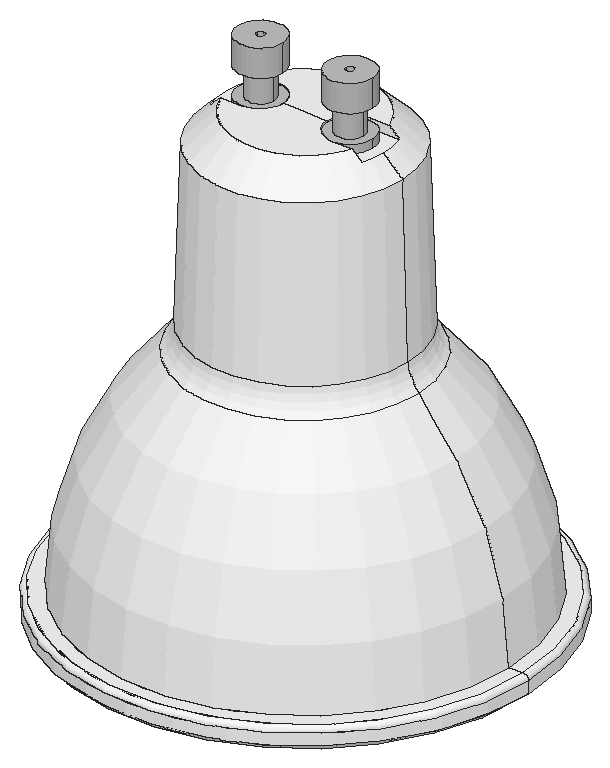
Revit family "STL21520_27_30", category Luminárias, Revit 2023
Family settings
  Cota do conector redondo = Utilizar diâmetro
  Tipo de parte = Normal
  Com base no plano de trabalho = Não
  Sempre na vertical = Sim
  Corte com vazios quando carregada = Não
  Fonte luminosa = Sim
  Manter orientação da anotação = Não
  Compartilhado = Não
  Ponto de cálculo do ambiente = Não
Parameters (values of type "STL21520/27 - BIVOLT - 2700K - 390lm - 10°")
  Ângulo de inclinação = 90.00°
  Ângulo de Abertura = "10°"
  Wattage = 2.62552 W
  Vidro = Vidro
  URL = "https://stella.com.br/"
  Troca de temperatura da cor de lâmpada com esmaecimento = <Nenhum>
  Tensão Elétrica = "100V-240V"
  built-in parameter 1150107 = 2700 (stored number, unit not read)
  Temperatura da cor (K) = 2700 K
  Referência = "STL21520/27 - BIVOLT"
  Potência = 5.7 W
  built-in parameter 1150110 = 1 (stored number, unit not read)
  built-in parameter 1150109 = 1 (stored number, unit not read)
  built-in parameter 1114218 = 1 (stored number, unit not read)
  built-in parameter 1150112 = 1 (stored number, unit not read)
  built-in parameter 1150113 = 1 (stored number, unit not read)
  built-in parameter 1150142 = "IESNA:LM-63-2002\r\n[TEST] Viso BaseSpion - serial: 2183678036 sensor serial: 1483989726\r\n[TESTLAB] Viso BaseSpion - serial: 2183678036 sensor serial: 1483989726 - Test lab\r\n[MANUFAC] N/A\r\n[ISSUEDATE] 07/08/2021\r\n[LUMINAIRE] STELLA - STL21520/27 - DICROICA MR16 EVO 10° 5,7W\r\n[LUMCAT] N/A\r\n[_SERIALNUMBER] VFR-210807-3605-MS\r\nTILT=NONE\r\n1 424 1 91 1 1 2 -0.0436 -0.0436 0.056\r\n1.0 1.0 5.62\r\n0 1 2 3 4 5 6 7 8 9 10 11 12 13 14 15 16 17 18 19 20 21 22 23 24 25 26 27 28 29 30 31 32 33 34 35 36 37 38 39 40 41 42 43 44 45 46 47 48 49 50 51 52 53 54 55 56 57 58 59 60 61 62 63 64 65 66 67 68 69 70 71 72 73 74 75 76 77 78 79 80\r\n 81 82 83 84 85 86 87 88 89 90\r\n0 \r\n4608.449219 4507.889648 4215.102539 3754.228516 3190.955078 2607.484131 2051.519043 1541.67981 1108.005371 781.872375 562.592285 425.521332 342.576935 292.647064 260.376801 232.377289 203.260254 174.629242 147.644867 124.812729 107.240623\r\n 93.858231 84.330505 77.697594 72.804207 68.766144 65.290565 62.546169 60.452805 58.722141 57.245205 56.038441 55.05788 54.328728 53.758926 53.389858 53.261204 53.127655 53.110584 53.265511 53.396217 53.373932 53.28389 53.080872 52.794132\r\n 52.490986 52.081562 51.427647 50.569363 49.545376 48.449951 47.200935 45.727364 44.152279 42.437363 40.535168 38.574726 36.591988 34.687691 32.736969 30.755363 28.925446 27.174139 25.607635 24.050913 22.541166 21.130617 19.75857 18.561125\r\n 17.547009 16.573399 15.579863 14.558794 13.527611 12.490552 11.509778 10.614359 9.677825 8.767531 7.917282 7.052804 6.201805 5.370756 4.540203 3.738734 3.062025 2.362718 1.694371 1.163691 0.805464 0.304509\r\n"
  built-in parameter 1150132 = 2
  built-in parameter 1150137 = (empty or 0)
  Modelo = "Dicroica MR16 EVO"
  Luminoso [instance] = Luminoso - 2700K
  built-in parameter 1150106 = 40.036 (stored number, unit not read)
  built-in parameter 1150102 = (empty or 0)
  built-in parameter 1150105 = 4003.6 (stored number, unit not read)
  IRC (Índice de reprodução de cores) = ">95 (R9 >80)"
  Grau de proteção (IP) = "IP20"
  Fluxo Luminoso = 390 lm
  Color Filter = 16777215
  built-in parameter 1114217 = 1 (stored number, unit not read)
  built-in parameter 1150139 = (empty or 0)
  Fabricante = "Stella"
  Estrutura [instance] = Al - Branco
  Default Elevation = 0.00 m
  built-in parameter 1150104 = 13.8 (stored number, unit not read)
  Diâmetro = 0.05 m
  Dimerização = "Não dimerizável"
  built-in parameter 1150115 = 1 (stored number, unit not read)
  built-in parameter 1150114 = 1 (stored number, unit not read)
  Cromado [instance] = Cromado
  Lumens = 390 lm
  built-in parameter 1150138 = (empty or 0)
  built-in parameter 1150134 = (empty or 0)
  Arquivo de rede fotométrica = "STELLA - STL21520-27 - DICROICA MR16 EVO 10° 5,7W.ies"
  Altura = 0.056 m
  built-in parameter 1150133 = 10 (stored number, unit not read)
Types (3, lengths in m): name | Wattage | built-in parameter 1150107 | Temperatura da cor (K) | Referência | built-in parameter 1150142 | Luminoso | built-in parameter 1150106 | built-in parameter 1150105 | Fluxo Luminoso | Lumens | Arquivo de rede fotométrica
  (no name) | 2.62552 W | 2700 (stored number, unit not read) | 2700 K | "STL21520/27 - BIVOLT" | "IESNA:LM-63-2002\r\n[TEST] Viso BaseSpion - serial: 2183678036 sensor serial: 1483989726\r\n[TESTLAB] Viso BaseSpion - serial: 2183678036 sensor serial: 1483989726 - Test lab\r\n[MANUFAC] N/A\r\n[ISSUEDATE] 07/08/2021\r\n[LUMINAIRE] STELLA - STL21520/27 - DICROICA MR16 EVO 10° 5,7W\r\n[LUMCAT] N/A\r\n[_SERIALNUMBER] VFR-210807-3605-MS\r\nTILT=NONE\r\n1 424 1 91 1 1 2 -0.0436 -0.0436 0.056\r\n1.0 1.0 5.62\r\n0 1 2 3 4 5 6 7 8 9 10 11 12 13 14 15 16 17 18 19 20 21 22 23 24 25 26 27 28 29 30 31 32 33 34 35 36 37 38 39 40 41 42 43 44 45 46 47 48 49 50 51 52 53 54 55 56 57 58 59 60 61 62 63 64 65 66 67 68 69 70 71 72 73 74 75 76 77 78 79 80\r\n 81 82 83 84 85 86 87 88 89 90\r\n0 \r\n4608.449219 4507.889648 4215.102539 3754.228516 3190.955078 2607.484131 2051.519043 1541.67981 1108.005371 781.872375 562.592285 425.521332 342.576935 292.647064 260.376801 232.377289 203.260254 174.629242 147.644867 124.812729 107.240623\r\n 93.858231 84.330505 77.697594 72.804207 68.766144 65.290565 62.546169 60.452805 58.722141 57.245205 56.038441 55.05788 54.328728 53.758926 53.389858 53.261204 53.127655 53.110584 53.265511 53.396217 53.373932 53.28389 53.080872 52.794132\r\n 52.490986 52.081562 51.427647 50.569363 49.545376 48.449951 47.200935 45.727364 44.152279 42.437363 40.535168 38.574726 36.591988 34.687691 32.736969 30.755363 28.925446 27.174139 25.607635 24.050913 22.541166 21.130617 19.75857 18.561125\r\n 17.547009 16.573399 15.579863 14.558794 13.527611 12.490552 11.509778 10.614359 9.677825 8.767531 7.917282 7.052804 6.201805 5.370756 4.540203 3.738734 3.062025 2.362718 1.694371 1.163691 0.805464 0.304509\r\n" | Luminoso - 2700K | 40.036 (stored number, unit not read) | 4003.6 (stored number, unit not read) | 390 lm | 390 lm | "STELLA - STL21520-27 - DICROICA MR16 EVO 10° 5,7W.ies"
  STL21520/27 - BIVOLT - 2700K - 390lm - 10° | 2.62552 W | 2700 (stored number, unit not read) | 2700 K | "STL21520/27 - BIVOLT" | "IESNA:LM-63-2002\r\n[TEST] Viso BaseSpion - serial: 2183678036 sensor serial: 1483989726\r\n[TESTLAB] Viso BaseSpion - serial: 2183678036 sensor serial: 1483989726 - Test lab\r\n[MANUFAC] N/A\r\n[ISSUEDATE] 07/08/2021\r\n[LUMINAIRE] STELLA - STL21520/27 - DICROICA MR16 EVO 10° 5,7W\r\n[LUMCAT] N/A\r\n[_SERIALNUMBER] VFR-210807-3605-MS\r\nTILT=NONE\r\n1 424 1 91 1 1 2 -0.0436 -0.0436 0.056\r\n1.0 1.0 5.62\r\n0 1 2 3 4 5 6 7 8 9 10 11 12 13 14 15 16 17 18 19 20 21 22 23 24 25 26 27 28 29 30 31 32 33 34 35 36 37 38 39 40 41 42 43 44 45 46 47 48 49 50 51 52 53 54 55 56 57 58 59 60 61 62 63 64 65 66 67 68 69 70 71 72 73 74 75 76 77 78 79 80\r\n 81 82 83 84 85 86 87 88 89 90\r\n0 \r\n4608.449219 4507.889648 4215.102539 3754.228516 3190.955078 2607.484131 2051.519043 1541.67981 1108.005371 781.872375 562.592285 425.521332 342.576935 292.647064 260.376801 232.377289 203.260254 174.629242 147.644867 124.812729 107.240623\r\n 93.858231 84.330505 77.697594 72.804207 68.766144 65.290565 62.546169 60.452805 58.722141 57.245205 56.038441 55.05788 54.328728 53.758926 53.389858 53.261204 53.127655 53.110584 53.265511 53.396217 53.373932 53.28389 53.080872 52.794132\r\n 52.490986 52.081562 51.427647 50.569363 49.545376 48.449951 47.200935 45.727364 44.152279 42.437363 40.535168 38.574726 36.591988 34.687691 32.736969 30.755363 28.925446 27.174139 25.607635 24.050913 22.541166 21.130617 19.75857 18.561125\r\n 17.547009 16.573399 15.579863 14.558794 13.527611 12.490552 11.509778 10.614359 9.677825 8.767531 7.917282 7.052804 6.201805 5.370756 4.540203 3.738734 3.062025 2.362718 1.694371 1.163691 0.805464 0.304509\r\n" | Luminoso - 2700K | 40.036 (stored number, unit not read) | 4003.6 (stored number, unit not read) | 390 lm | 390 lm | "STELLA - STL21520-27 - DICROICA MR16 EVO 10° 5,7W.ies"
  STL21520/30 - BIVOLT - 3000K - 400lm - 10° | 2.69284 W | 3000 (stored number, unit not read) | 3000 K | "STL21520/30 - BIVOLT" | "IESNA:LM-63-2002\r\n[TEST] Viso BaseSpion - serial: 2183678036 sensor serial: 1483989726\r\n[TESTLAB] Viso BaseSpion - serial: 2183678036 sensor serial: 1483989726 - Test lab\r\n[MANUFAC] N/A\r\n[ISSUEDATE] 06/08/2021\r\n[LUMINAIRE] STELLA - STL21520/30 - DICROICA MR16 EVO 10° 5,7W\r\n[LUMCAT] N/A\r\n[_SERIALNUMBER] VFR-210806-3592-MS\r\nTILT=NONE\r\n1 481 1 19 1 1 2 -0.463 -0.463 0.56\r\n1.0 1.0 5.69\r\n0 5 10 15 20 25 30 35 40 45 50 55 60 65 70 75 80 85 90\r\n0 \r\n3740.094482 3132.616211 837.470337 227.044678 104.131119 65.734985 53.366535 49.605755 49.150196 50.56646 49.963799 45.219395 36.835934 27.046118 19.036615 13.085714 7.868708 3.402079 0.44409\r\n" | Luminoso - 3000K | 43.476 (stored number, unit not read) | 4347.6 (stored number, unit not read) | 400 lm | 400 lm | "STELLA - STL21520-30 - DICROICA MR16 EVO 10° 5,7W.ies"
Reference planes (m)
  plane 1 "Centro (Frente/Trás)": y = 0
  plane 2: z = 0
  plane 3 "Centro (Esquerda/Direita)": x = 0
  plane 4: x = 0.025
  plane 5: x = -0.025
  plane 6 "Superior": z = 0.0536
  plane 7 "Base": z = -0.0024
  plane 8: y = 0.025
  plane 9: y = -0.025
Forms (m)
  Extrusion 1, void
    sketch origin (0.007403, -0.129323, 0) x (1, 0, 0) y (0, 1, 0)
      loop
        arc (-0.009858, 0.129323) -> (-0.010631, 0.131192) -> (-0.0125, 0.131966) r 0.002642
        line (-0.0125, 0.131966) -> (-0.016641, 0.131966)
        arc (-0.016641, 0.131966) -> (-0.016798, 0.130733) -> (-0.016859, 0.129493) r 0.016069
        arc (-0.016859, 0.129493) -> (-0.016812, 0.128082) -> (-0.016641, 0.126681) r 0.016069
        line (-0.016641, 0.126681) -> (-0.0125, 0.126681)
        arc (-0.0125, 0.126681) -> (-0.010631, 0.127455) -> (-0.009858, 0.129323) r 0.002642
    from 0.0466 to 0.0476
  Extrusion 2, solid, material "Cromado" <- "Cromado"
    sketch origin (0, 0, 0) x (1, 0, 0) y (0, 1, 0)
      loop
        circle (-0.005, 0) r 0.0025
    from 0.0466 to 0.0475
  Extrusion 3, solid, material "Cromado" <- "Cromado"
    sketch origin (0, 0, 0) x (1, 0, 0) y (0, 1, 0)
      loop
        circle (-0.005, 0) r 0.0015
    from 0.0475 to 0.0506
  Extrusion 4, solid, material "Cromado" <- "Cromado"
    sketch origin (0, 0, 0) x (1, 0, 0) y (0, 1, 0)
      loop
        circle (-0.005, 0) r 0.0025
    from 0.0536 to 0.0506
  Extrusion 5, solid, material "Cromado" <- "Cromado"
    sketch origin (0, 0, 0) x (-1, 0, 0) y (0, -1, 0)
      loop
        circle (-0.005, 0) r 0.0025
    from 0.0466 to 0.0475
  Extrusion 6, solid, material "Cromado" <- "Cromado"
    sketch origin (0, 0, 0) x (-1, 0, 0) y (0, -1, 0)
      loop
        circle (-0.005, 0) r 0.0015
    from 0.0475 to 0.0506
  Extrusion 7, solid, material "Cromado" <- "Cromado"
    sketch origin (0, 0, 0) x (-1, 0, 0) y (0, -1, 0)
      loop
        circle (-0.005, 0) r 0.0025
    from 0.0536 to 0.0506
  Extrusion 8, void
    sketch origin (0, 0, 0) x (1, 0, 0) y (0, 1, 0)
      loop
        circle (-0.005, 0) r 0.00045
    from 0.0536 to 0.0474
  Extrusion 9, void
    sketch origin (0, 0, 0) x (-1, 0, 0) y (0, -1, 0)
      loop
        circle (-0.005, 0) r 0.00045
    from 0.0474 to 0.0536
  Revolve 10, solid, material "Al - Branco" <- "Estrutura"
    sketch origin (0, 0, 0) x (1, 0, 0) y (0, 0, 1)
      loop
        line (0.00775, 0.0476) -> (0, 0.0476) -> (0, 0.046) -> (0.00711, 0.046) -> (0.009319, 0.043896) -> (0.009901, 0.026547)
        arc (0.009901, 0.026547) -> (0.010373, 0.024475) -> (0.011583, 0.022729) r 0.0056
        arc (0.011583, 0.022729) -> (0.015924, 0.01746) -> (0.01904, 0.011386) r 0.031783
        arc (0.01904, 0.011386) -> (0.020153, 0.007263) -> (0.0204, 0.003) r 0.0208
        line (0.0204, 0.003) -> (0.020429, 0.001321)
        arc (0.020429, 0.001321) -> (0.022197, 0.000225) -> (0.023914, -0.00095) r 0.046279
        line (0.023914, -0.00095) -> (0.023448, -0.0016) -> (0.023148, -0.0024) -> (0.024334, -0.0024) -> (0.0249, -0.001834) -> (0.0249, -0.000564)
        arc (0.0249, -0.000564) -> (0.024735, -0.000165) -> (0.024336, 0) r 0.000564
        line (0.024336, 0) -> (0.02275, 0)
        arc (0.02275, 0) -> (0.020136, 0.012951) -> (0.012702, 0.023873) r 0.033383
        arc (0.012702, 0.023873) -> (0.011837, 0.02512) -> (0.0115, 0.0266) r 0.004
        line (0.0115, 0.0266) -> (0.010897, 0.044603) -> (0.00775, 0.0476)
      axis (0, 0.0476) -> (0, -0.0024)
    angle from 0 to 360
  Revolve 11, solid, material "Vidro" <- "Vidro"
    sketch origin (0, 0, 0) x (1, 0, 0) y (0, 0, 1)
      loop
        line (0.023148, -0.0024) -> (0.023448, -0.0016)
        arc (0.023448, -0.0016) -> (0.015991, 0.002743) -> (0.007848, 0.0056) r 0.045479
        line (0.007848, 0.0056) -> (0.007, 0.0056) -> (0.006434, 0.005034) -> (0.005869, 0.0056) -> (0.004103, 0.0056) -> (0.003002, 0.001326)
        arc (0.003002, 0.001326) -> (0.002274, -0.000007) -> (0.001, -0.000834) r 0.0031
        line (0.001, -0.000834) -> (0.001, -0.0024) -> (0.023148, -0.0024)
      axis (0, 0.0056) -> (0, -0.0024)
    angle from 0 to 360
  Revolve 12, solid, material "Cromado" <- "Cromado"
    sketch origin (0, 0, 0) x (1, 0, 0) y (0, 0, 1)
      loop
        line (0.023448, -0.0016) -> (0.023914, -0.00095)
        arc (0.023914, -0.00095) -> (0.016282, 0.00349) -> (0.007945, 0.0064) r 0.046279
        line (0.007945, 0.0064) -> (0.007848, 0.0056)
        arc (0.007848, 0.0056) -> (0.015991, 0.002743) -> (0.023448, -0.0016) r 0.045479
      axis (0, 0.0064) -> (0, -0.0016)
    angle from 0 to 360
  Revolve 13, solid, material "Luminoso - 2700K" <- "Luminoso"
    sketch origin (0, 0, 0) x (1, 0, 0) y (0, 0, 1)
      loop
        line (0, 0.0064) -> (0, -0.0024) -> (0.001, -0.0024) -> (0.001, -0.000834)
        arc (0.001, -0.000834) -> (0.002274, -0.000007) -> (0.003002, 0.001326) r 0.0031
        line (0.003002, 0.001326) -> (0.004103, 0.0056) -> (0.005869, 0.0056) -> (0.006434, 0.005034) -> (0.007, 0.0056) -> (0.007848, 0.0056) -> (0.007945, 0.0064) -> (0, 0.0064)
      axis (0, 0.0064) -> (0, -0.0024)
    angle from 0 to 360
  Revolve 14, void
    sketch origin (0, 0, 0) x (1, 0, 0) y (0, 0, 1)
      loop
        line (0, 0.00669) -> (0, -0.00275) -> (0.0008, -0.00275) -> (0.0008, -0.000687)
        arc (0.0008, -0.000687) -> (0.002078, 0.000078) -> (0.002808, 0.001376) r 0.0029
        line (0.002808, 0.001376) -> (0.003897, 0.0056) -> (0.003897, 0.00669) -> (0, 0.00669)
      axis (0, 0.00669) -> (0, -0.00275)
    angle from 0 to 360
  Extrusion 15, void
    sketch origin (-0.007403, -0.129323, 0) x (-1, 0, 0) y (0, -1, 0)
      loop
        arc (-0.009858, -0.129323) -> (-0.010631, -0.127455) -> (-0.0125, -0.126681) r 0.002642
        line (-0.0125, -0.126681) -> (-0.016641, -0.126681)
        arc (-0.016641, -0.126681) -> (-0.016812, -0.128082) -> (-0.016859, -0.129493) r 0.016069
        arc (-0.016859, -0.129493) -> (-0.016798, -0.130733) -> (-0.016641, -0.131966) r 0.016069
        line (-0.016641, -0.131966) -> (-0.0125, -0.131966)
        arc (-0.0125, -0.131966) -> (-0.010631, -0.131192) -> (-0.009858, -0.129323) r 0.002642
    from 0.0466 to 0.0476
  Revolve 16, solid, material "Al - Branco" <- "Estrutura"
    sketch origin (0, 0, 0) x (1, 0, 0) y (0, 0, 1)
      loop
        line (-0.019419, 0.004158) -> (-0.019511, 0.0024) -> (-0.01871, 0.0024) -> (-0.01862, 0.004116) -> (-0.018532, 0.005797) -> (-0.016, 0.011) -> (0, 0.011) -> (0, 0.0118) -> (-0.015812, 0.0118)
        arc (-0.015812, 0.0118) -> (-0.016395, 0.011633) -> (-0.016801, 0.011181) r 0.0011
        line (-0.016801, 0.011181) -> (-0.019155, 0.006345)
        arc (-0.019155, 0.006345) -> (-0.019287, 0.00595) -> (-0.019346, 0.005538) r 0.002308
        line (-0.019346, 0.005538) -> (-0.019419, 0.004158)
      axis (0, 0.0118) -> (0, 0.0024)
    angle from 0 to 360
Cuts and joins
  Extrusion 8, Extrusion 9, Extrusion 15 cuts Extrusion 2
  Extrusion 8, Extrusion 9, Extrusion 15 cuts Extrusion 3
  Extrusion 8, Extrusion 9, Extrusion 15 cuts Extrusion 4
  joined: Extrusion 2, Extrusion 3, Extrusion 4
  Extrusion 9 cuts Extrusion 5
  Extrusion 9 cuts Extrusion 6
  Extrusion 9 cuts Extrusion 7
  joined: Extrusion 5, Extrusion 6, Extrusion 7
  Revolve 14 cuts Revolve 13
  Extrusion 1, Extrusion 15 cuts Revolve 10
Dimensions and locks (m)
  "Diâmetro": plane 8 to plane 9
  "Altura": plane 6 "Superior" to plane 7 "Base"
  aligned and locked: level to plane 2
  aligned and locked: plane 6 "Superior" to Extrusion 4
  aligned and locked: Extrusion 4 to Extrusion 8
  aligned and locked: cut or joined group of Extrusion 5, Extrusion 6, Extrusion 7, Extrusion 9 to Extrusion 9
  aligned and locked: Extrusion 3 to Extrusion 4
  aligned and locked: Extrusion 6 to Extrusion 7
Automatic sketch dimensions
  Extrusion 1 sketch curve to Extrusion 1 sketch curve = 0.00 m  (x4)
  plane 1 "Centro (Frente/Trás)" to Extrusion 1 sketch curve = 0.00 m  (x2)
  plane 1 "Centro (Frente/Trás)" to Extrusion 1 sketch curve = 0.002642 m
  Extrusion 1 sketch curve to plane 3 "Centro (Esquerda/Direita)" = 0.009238 m
  Extrusion 1 sketch curve to Extrusion 1 sketch curve = 0.004141 m
  plane 3 "Centro (Esquerda/Direita)" to Extrusion 1 sketch curve = 0.006612 m
  Extrusion 1 sketch curve to plane 1 "Centro (Frente/Trás)" = 0.00017 m
  plane 1 "Centro (Frente/Trás)" to Extrusion 2 sketch curve = 0.00 m
  Extrusion 2 sketch curve to plane 3 "Centro (Esquerda/Direita)" = 0.005 m
  plane 1 "Centro (Frente/Trás)" to Extrusion 3 sketch curve = 0.00 m
  Extrusion 3 sketch curve to plane 3 "Centro (Esquerda/Direita)" = 0.005 m
  plane 1 "Centro (Frente/Trás)" to Extrusion 4 sketch curve = 0.00 m
  Extrusion 4 sketch curve to plane 3 "Centro (Esquerda/Direita)" = 0.005 m
  plane 1 "Centro (Frente/Trás)" to Extrusion 5 sketch curve = 0.00 m
  plane 3 "Centro (Esquerda/Direita)" to Extrusion 5 sketch curve = 0.005 m
  plane 1 "Centro (Frente/Trás)" to Extrusion 6 sketch curve = 0.00 m
  plane 3 "Centro (Esquerda/Direita)" to Extrusion 6 sketch curve = 0.005 m
  plane 1 "Centro (Frente/Trás)" to Extrusion 7 sketch curve = 0.00 m
  plane 3 "Centro (Esquerda/Direita)" to Extrusion 7 sketch curve = 0.005 m
  plane 1 "Centro (Frente/Trás)" to Extrusion 8 sketch curve = 0.00 m
  Extrusion 8 sketch curve to plane 3 "Centro (Esquerda/Direita)" = 0.005 m
  plane 1 "Centro (Frente/Trás)" to Extrusion 9 sketch curve = 0.00 m
  plane 3 "Centro (Esquerda/Direita)" to Extrusion 9 sketch curve = 0.005 m
  Revolve 10 sketch curve to Revolve 10 sketch curve = 0.00 m  (x5)
  Revolve 10 sketch curve to level = 0.00 m
  Revolve 10 sketch curve to plane 3 "Centro (Esquerda/Direita)" = 0.00 m  (x2)
  Revolve 10 sketch curve to plane 7 "Base" = 0.00 m
  Revolve 10 sketch curve to plane 3 "Centro (Esquerda/Direita)" = 0.000379 m
  Revolve 10 sketch curve to plane 3 "Centro (Esquerda/Direita)" = 0.003067 m
  Revolve 10 sketch curve to plane 3 "Centro (Esquerda/Direita)" = 0.010633 m
  plane 3 "Centro (Esquerda/Direita)" to Revolve 10 sketch curve = 0.00711 m
  Revolve 10 sketch curve to Revolve 10 sketch curve = 0.00064 m
  Revolve 10 sketch curve to Revolve 10 sketch curve = 0.002209 m
  plane 3 "Centro (Esquerda/Direita)" to Revolve 10 sketch curve = 0.009901 m
  Revolve 10 sketch curve to Revolve 10 sketch curve = 0.001577 m
  Revolve 10 sketch curve to Revolve 10 sketch curve = 0.001599 m
  Revolve 10 sketch curve to Revolve 10 sketch curve = 0.003998 m
  Revolve 10 sketch curve to plane 4 = 0.0046 m
  level to Revolve 10 sketch curve = 0.001321 m
  Revolve 10 sketch curve to Revolve 10 sketch curve = 0.000029 m
  Revolve 10 sketch curve to plane 4 = 0.00225 m
  Revolve 10 sketch curve to plane 4 = 0.001852 m
  Revolve 10 sketch curve to Revolve 10 sketch curve = 0.0003 m
  Revolve 10 sketch curve to level = 0.00095 m
  Revolve 10 sketch curve to Revolve 10 sketch curve = 0.000466 m
  Revolve 10 sketch curve to plane 4 = 0.000666 m
  Revolve 10 sketch curve to plane 4 = 0.000664 m
  Revolve 10 sketch curve to plane 4 = 0.0001 m
  plane 7 "Base" to Revolve 10 sketch curve = 0.000566 m
  Revolve 10 sketch curve to Revolve 10 sketch curve = 0.00065 m
  Revolve 10 sketch curve to Revolve 10 sketch curve = 0.001679 m
  level to Revolve 10 sketch curve = 0.003935 m
  Revolve 10 sketch curve to Revolve 10 sketch curve = 0.01516 m
  Revolve 10 sketch curve to Revolve 10 sketch curve = 0.000053 m
  Revolve 10 sketch curve to Revolve 10 sketch curve = 0.000133 m
  Revolve 10 sketch curve to plane 6 "Superior" = 0.009704 m
  Revolve 10 sketch curve to Revolve 10 sketch curve = 0.000707 m
  Revolve 10 sketch curve to plane 6 "Superior" = 0.0076 m
  Revolve 10 sketch curve to Revolve 10 sketch curve = 0.0016 m
  Revolve 10 sketch curve to plane 7 "Base" = 0.002 m
  Revolve 10 sketch curve to Revolve 10 sketch curve = 0.0029 m
  Revolve 11 sketch curve to plane 3 "Centro (Esquerda/Direita)" = 0.00 m  (x2)
  Revolve 11 sketch curve to plane 7 "Base" = 0.00 m
  Revolve 11 sketch curve to plane 3 "Centro (Esquerda/Direita)" = 0.003067 m
  plane 3 "Centro (Esquerda/Direita)" to Revolve 11 sketch curve = 0.001 m
  level to Revolve 11 sketch curve = 0.001326 m
  Revolve 11 sketch curve to Revolve 11 sketch curve = 0.002002 m
  plane 3 "Centro (Esquerda/Direita)" to Revolve 11 sketch curve = 0.004103 m
  Revolve 11 sketch curve to Revolve 11 sketch curve = 0.001765 m
  Revolve 11 sketch curve to Revolve 11 sketch curve = 0.000566 m  (x3)
  Revolve 11 sketch curve to Revolve 11 sketch curve = 0.000848 m
  Revolve 11 sketch curve to plane 4 = 0.001852 m
  plane 7 "Base" to Revolve 11 sketch curve = 0.0008 m
  Revolve 11 sketch curve to Revolve 11 sketch curve = 0.0003 m
  Revolve 11 sketch curve to plane 7 "Base" = 0.03615 m
  Revolve 11 sketch curve to level = 0.000834 m
  Revolve 11 sketch curve to plane 7 "Base" = 0.004462 m
  Revolve 11 sketch curve to Revolve 11 sketch curve = 0.003517 m
  Revolve 12 sketch curve to Revolve 12 sketch curve = 0.00 m  (x2)
  Revolve 12 sketch curve to plane 3 "Centro (Esquerda/Direita)" = 0.00 m
  Revolve 12 sketch curve to plane 3 "Centro (Esquerda/Direita)" = 0.003067 m
  level to Revolve 12 sketch curve = 0.0056 m
  plane 3 "Centro (Esquerda/Direita)" to Revolve 12 sketch curve = 0.007848 m
  Revolve 12 sketch curve to Revolve 12 sketch curve = 0.000097 m
  plane 7 "Base" to Revolve 12 sketch curve = 0.0008 m
  Revolve 12 sketch curve to plane 4 = 0.001552 m
  Revolve 12 sketch curve to Revolve 12 sketch curve = 0.000466 m
  Revolve 12 sketch curve to Revolve 12 sketch curve = 0.00065 m
  Revolve 12 sketch curve to plane 7 "Base" = 0.002441 m
  Revolve 12 sketch curve to Revolve 12 sketch curve = 0.0018 m
  Revolve 13 sketch curve to plane 3 "Centro (Esquerda/Direita)" = 0.00 m  (x3)
  Revolve 13 sketch curve to plane 7 "Base" = 0.00 m
  plane 3 "Centro (Esquerda/Direita)" to Revolve 13 sketch curve = 0.001 m
  level to Revolve 13 sketch curve = 0.001326 m
  Revolve 13 sketch curve to Revolve 13 sketch curve = 0.002002 m
  plane 3 "Centro (Esquerda/Direita)" to Revolve 13 sketch curve = 0.004103 m
  Revolve 13 sketch curve to Revolve 13 sketch curve = 0.001765 m
  Revolve 13 sketch curve to Revolve 13 sketch curve = 0.000566 m  (x3)
  Revolve 13 sketch curve to Revolve 13 sketch curve = 0.000848 m
  Revolve 13 sketch curve to Revolve 13 sketch curve = 0.000097 m
  Revolve 13 sketch curve to level = 0.000834 m
  level to Revolve 13 sketch curve = 0.005034 m
  Revolve 13 sketch curve to Revolve 13 sketch curve = 0.0008 m
  Revolve 13 sketch curve to Revolve 13 sketch curve = 0.001103 m
  Revolve 13 sketch curve to Revolve 13 sketch curve = 0.001263 m
  Revolve 14 sketch curve to plane 3 "Centro (Esquerda/Direita)" = 0.00 m  (x3)
  Revolve 14 sketch curve to plane 7 "Base" = 0.00035 m
  Revolve 14 sketch curve to Revolve 14 sketch curve = 0.0008 m
  level to Revolve 14 sketch curve = 0.001376 m
  plane 3 "Centro (Esquerda/Direita)" to Revolve 14 sketch curve = 0.002808 m
  Revolve 14 sketch curve to Revolve 14 sketch curve = 0.003897 m
  Revolve 14 sketch curve to level = 0.000687 m
  Revolve 14 sketch curve to Revolve 14 sketch curve = 0.004224 m
  Revolve 14 sketch curve to Revolve 14 sketch curve = 0.00109 m
  Revolve 14 sketch curve to Revolve 14 sketch curve = 0.000876 m
  Revolve 14 sketch curve to Revolve 14 sketch curve = 0.000848 m
  Extrusion 15 sketch curve to Extrusion 15 sketch curve = 0.00 m  (x4)
  plane 1 "Centro (Frente/Trás)" to Extrusion 15 sketch curve = 0.00 m  (x2)
  plane 1 "Centro (Frente/Trás)" to Extrusion 15 sketch curve = 0.002642 m
  plane 3 "Centro (Esquerda/Direita)" to Extrusion 15 sketch curve = 0.009238 m
  Extrusion 15 sketch curve to Extrusion 15 sketch curve = 0.004141 m
  Extrusion 15 sketch curve to plane 3 "Centro (Esquerda/Direita)" = 0.006612 m
  Extrusion 15 sketch curve to plane 1 "Centro (Frente/Trás)" = 0.00017 m
  Revolve 16 sketch curve to plane 3 "Centro (Esquerda/Direita)" = 0.00 m  (x2)
  Revolve 16 sketch curve to level = 0.00 m
  plane 5 to Revolve 16 sketch curve = 0.009188 m
  Revolve 16 sketch curve to Revolve 16 sketch curve = 0.000188 m
  Revolve 16 sketch curve to Revolve 16 sketch curve = 0.000801 m  (x2)
  Revolve 16 sketch curve to Revolve 16 sketch curve = 0.001229 m
  Revolve 16 sketch curve to Revolve 16 sketch curve = 0.00149 m
  Revolve 16 sketch curve to Revolve 16 sketch curve = 0.000179 m
  Revolve 16 sketch curve to Revolve 16 sketch curve = 0.000623 m
  Revolve 16 sketch curve to Revolve 16 sketch curve = 0.000191 m
  level to Revolve 16 sketch curve = 0.0024 m
  Revolve 16 sketch curve to Revolve 16 sketch curve = 0.003017 m
  Revolve 16 sketch curve to Revolve 16 sketch curve = 0.000121 m
  Revolve 16 sketch curve to Revolve 16 sketch curve = 0.000547 m
  Revolve 16 sketch curve to Revolve 16 sketch curve = 0.005283 m
  Revolve 16 sketch curve to Revolve 16 sketch curve = 0.0003 m
  Revolve 16 sketch curve to Revolve 16 sketch curve = 0.000181 m
  Revolve 16 sketch curve to Revolve 16 sketch curve = 0.000727 m
  Revolve 16 sketch curve to Revolve 16 sketch curve = 0.00 m  (x4)
  Revolve 16 sketch curve to Revolve 16 sketch curve = 0.000799 m
  Revolve 16 sketch curve to Revolve 16 sketch curve = 0.001422 m
  Revolve 16 sketch curve to Revolve 16 sketch curve = 0.000042 m
  Revolve 16 sketch curve to Revolve 16 sketch curve = 0.002958 m
  radius of Extrusion 2 sketch curve = 0.0025 m
  radius of Extrusion 3 sketch curve = 0.0015 m
  radius of Extrusion 4 sketch curve = 0.0025 m
  radius of Extrusion 5 sketch curve = 0.0025 m
  radius of Extrusion 6 sketch curve = 0.0015 m
  radius of Extrusion 7 sketch curve = 0.0025 m
  radius of Extrusion 8 sketch curve = 0.00045 m
  radius of Extrusion 9 sketch curve = 0.00045 m
Connectors (m)
  electrical at (0, 0, 0.0536)
    settings: index 1, voltage 0 V, apparent load 0 VA, apparent load phase1 0 VA, apparent load phase2 0 VA, apparent load phase3 0 VA, power factor 1, load classification "Outro", number of poles 1, system type 31, power factor state 1, is connector primary yes, connector utility no, sub classification motor no, connector description ""
